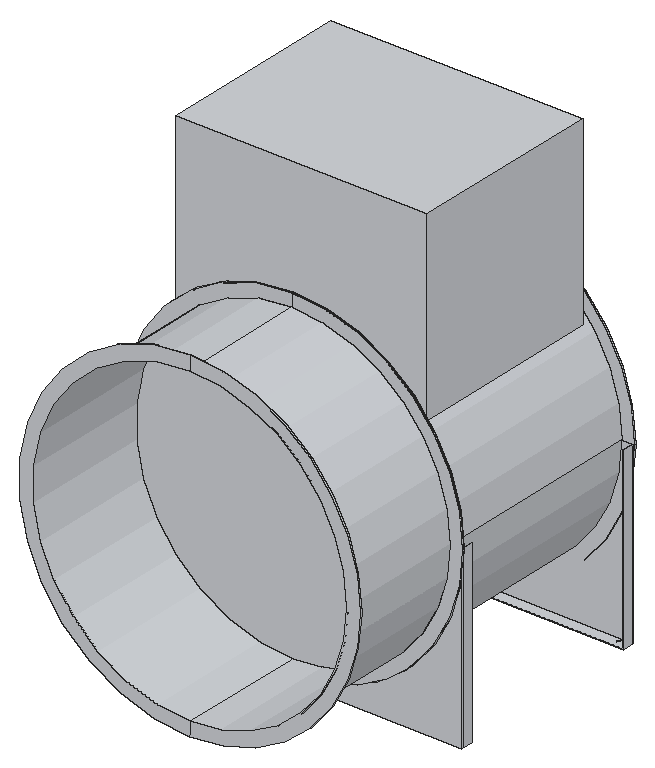
Revit family "AFBV-C_Horizontal_Floor_Mount", category Mechanical Equipment, Revit 2019
Family settings
  Round Connector Dimension = Use Radius
  Part Type = Normal
  Work Plane-Based = No
  Always vertical = Yes
  Cut with Voids When Loaded = No
  Shared = No
  Room Calculation Point = No
Parameters (values of type "60_AFBV-C_HOR_FLOOR")
  VANE = 2' - 1"
  Unit Weight [instance] = ""
  P/2 = P / 2  # 0' - 0 9/32"
  P = 0' - 0 9/16"  # constant formula
  N = 2' - 7 1/16"
  ModelID [instance] = ""
  M/2 = M / 2  # 2' - 9 1/16"
  M = 5' - 6 1/8"
  L = 0' - 1 1/8"
  K/2 = K / 2  # 1' - 7 7/8"
  K = 3' - 3 3/4"
  J-(C/2) = J - (C / 2)  # 0' - 3 1/16"
  J = 2' - 10 7/8"
  H-(A/2) = H - (A / 2)  # 2' - 0 1/16"
  H+J = H + J  # 7' - 5 5/8"
  H = 4' - 6 3/4"
  Sones [instance] = ""
  Motor RPM [instance] = ""
  Motor Enclosure [instance] = ""
  LwA [instance] = ""
  G = 12' - 0"
  Fan RPM [instance] = ""
  F/2 = F / 2  # 0' - 1 1/2"
  F = 0' - 3"
  E/2 = E / 2  # 1' - 9"
  E-2" = E - 0' 2"  # 3' - 4"
  E = 3' - 6"
  C/2+J = C / 2 + J  # 5' - 6 11/16"
  C/2 = C / 2  # 2' - 7 13/16"
  C = 5' - 3 5/8"
  B/2 = B / 2  # 2' - 9 3/8"
  B = 5' - 6 3/4"
  Accessories [instance] = ""
  A/3 = A / 2.5  # 2' - 0.55"
  A/2 = A / 2  # 2' - 6 11/16"
  A = 5' - 1 3/8"
  60 = 60.00°  # constant formula
  30 = 30.00°  # constant formula
  3" = 0' - 3"  # constant formula
  Brake Hp [instance] = ""
  4" = 0' - 4"  # constant formula
  2' = 2' - 0"
  2" = 0' - 2"  # constant formula
  1" = 0' - 1"  # constant formula
  0 = 0' - 0"  # constant formula
  Voltage [instance] = 0 V
  URL = "www.lorencook.com"
  Type Comments = "Tube Axial Fan Horizontal Floor Mount Belt Drive Arrangement 9"  # constant formula
  Static Pressure [instance] = 0.00 in-wg
  Power [instance] = Voltage * Motor FLA * sqrt(if(Phase = 3, 3, 1))  # 0 VA
  Phase [instance] = 0
  Number of Poles [instance] = 1
  Motor Hp [instance] = "0"
  Motor FLA [instance] = 0 A
  Model = "AFBV-C"  # constant formula
  Manufacturer = "Loren Cook Company"
  CFM [instance] = 0 CFM
  1.5 = 0' - 1 1/2"  # constant formula
  ONE EIGTH = 0' - 0 1/8"  # constant formula
  -E/2 = -E / 2  # -1' - 9"
  -(E-.25")/2 = -(E - 0' 0 1/4") / 2  # -1' - 8 7/8"
  (H-(A/2))/2 = (H - (A / 2)) / 2  # 1' - 0 1/32"
  (E-.25")/2 = (E - 0' 0 1/4") / 2  # 1' - 8 7/8"
  (A+.25")/2 = (A + 0' 0 1/4") / 2  # 2' - 6 13/16"
Types (12): name | VANE | N | M/2 | M | L | K/2 | K | J-(C/2) | J | H-(A/2) | H+J | H | G | F/2 | F | E/2 | E-2" | E | C/2+J | C/2 | C | B/2 | B | A/3 | A/2 | A | -E/2 | -(E-.25")/2 | (H-(A/2))/2 | (E-.25")/2 | (A+.25")/2
  (no name) | 2' - 1" | 2' - 7 1/16" | 2' - 9 1/16" | 5' - 6 1/8" | 0' - 1 1/8" | 1' - 7 7/8" | 3' - 3 3/4" | 0' - 3 1/16" | 2' - 10 7/8" | 2' - 0 1/16" | 7' - 5 5/8" | 4' - 6 3/4" | 12' - 0" | 0' - 1 1/2" | 0' - 3" | 1' - 9" | 3' - 4" | 3' - 6" | 5' - 6 11/16" | 2' - 7 13/16" | 5' - 3 5/8" | 2' - 9 3/8" | 5' - 6 3/4" | 2' - 0.55" | 2' - 6 11/16" | 5' - 1 3/8" | -1' - 9" | -1' - 8 7/8" | 1' - 0 1/32" | 1' - 8 7/8" | 2' - 6 13/16"
  12_AFBV-C_HOR_FLOOR | 0' - 6" | 0' - 6" | 0' - 8" | 1' - 4" | 0' - 0 15/16" | 0' - 10 1/16" | 1' - 8 1/8" | 0' - 2 7/16" | 0' - 9 3/4" | 1' - 6 3/16" | 2' - 10 3/8" | 2' - 0 5/8" | 6' - 0" | 0' - 0 5/32" | 0' - 0 5/16" | 0' - 11" | 1' - 8" | 1' - 10" | 1' - 5 1/16" | 0' - 7 5/16" | 1' - 2 5/8" | 0' - 7 13/16" | 1' - 3 5/8" | 0' - 5.15" | 0' - 6 7/16" | 1' - 0 7/8" | -0' - 11" | -0' - 10 7/8" | 0' - 9 3/32" | 0' - 10 7/8" | 0' - 6 9/16"
  16_AFBV-C_HOR_FLOOR | 0' - 10" | 0' - 8" | 0' - 10" | 1' - 8" | 0' - 0 15/16" | 0' - 11 9/16" | 1' - 11 1/8" | 0' - 2 7/16" | 0' - 11 3/4" | 1' - 9 11/16" | 3' - 5 7/8" | 2' - 6 1/8" | 6' - 0" | 0' - 0 5/32" | 0' - 0 5/16" | 1' - 0 1/2" | 1' - 11" | 2' - 1" | 1' - 9 1/16" | 0' - 9 5/16" | 1' - 6 5/8" | 0' - 9 13/16" | 1' - 7 5/8" | 0' - 6 3/4" | 0' - 8 7/16" | 1' - 4 7/8" | -1' - 0 1/2" | -1' - 0 3/8" | 0' - 10 27/32" | 1' - 0 3/8" | 0' - 8 9/16"
  18_AFBV-C_HOR_FLOOR | 0' - 11" | 0' - 9" | 0' - 11" | 1' - 10" | 0' - 0 15/16" | 0' - 11 9/16" | 1' - 11 1/8" | 0' - 2 7/16" | 1' - 0 3/4" | 1' - 9 11/16" | 3' - 7 7/8" | 2' - 7 1/8" | 6' - 0" | 0' - 0 5/32" | 0' - 0 5/16" | 1' - 0 1/2" | 1' - 11" | 2' - 1" | 1' - 11 1/16" | 0' - 10 5/16" | 1' - 8 5/8" | 0' - 10 13/16" | 1' - 9 5/8" | 0' - 7.55" | 0' - 9 7/16" | 1' - 6 7/8" | -1' - 0 1/2" | -1' - 0 3/8" | 0' - 10 27/32" | 1' - 0 3/8" | 0' - 9 9/16"
  24_AFBV-C_HOR_FLOOR | 1' - 1" | 1' - 0 1/4" | 1' - 2 1/4" | 2' - 4 1/2" | 0' - 0 15/16" | 1' - 2 9/16" | 2' - 5 1/8" | 0' - 2 9/16" | 1' - 4" | 2' - 3 7/16" | 4' - 7 7/8" | 3' - 3 7/8" | 6' - 0" | 0' - 0 7/32" | 0' - 0 7/16" | 1' - 3 1/2" | 2' - 5" | 2' - 7" | 2' - 5 7/16" | 1' - 1 7/16" | 2' - 2 7/8" | 1' - 2 9/16" | 2' - 5 1/8" | 0' - 9.95" | 1' - 0 7/16" | 2' - 0 7/8" | -1' - 3 1/2" | -1' - 3 3/8" | 1' - 1 23/32" | 1' - 3 3/8" | 1' - 0 9/16"
  28_AFBV-C_HOR_FLOOR | 1' - 1" | 1' - 2 1/4" | 1' - 4 1/4" | 2' - 8 1/2" | 0' - 0 15/16" | 1' - 2 9/16" | 2' - 5 1/8" | 0' - 2 9/16" | 1' - 6" | 2' - 3 7/16" | 4' - 11 7/8" | 3' - 5 7/8" | 6' - 0" | 0' - 0 7/32" | 0' - 0 7/16" | 1' - 3 1/2" | 2' - 5" | 2' - 7" | 2' - 9 7/16" | 1' - 3 7/16" | 2' - 6 7/8" | 1' - 4 9/16" | 2' - 9 1/8" | 0' - 11.55" | 1' - 2 7/16" | 2' - 4 7/8" | -1' - 3 1/2" | -1' - 3 3/8" | 1' - 1 23/32" | 1' - 3 3/8" | 1' - 2 9/16"
  32_AFBV-C_HOR_FLOOR | 1' - 3" | 1' - 4 5/16" | 1' - 6 5/16" | 3' - 0 5/8" | 0' - 0 15/16" | 1' - 4 1/16" | 2' - 8 1/8" | 0' - 2 5/8" | 1' - 8 1/8" | 2' - 4 3/4" | 5' - 5 3/8" | 3' - 9 1/4" | 6' - 0" | 0' - 0 7/32" | 0' - 0 7/16" | 1' - 5" | 2' - 8" | 2' - 10" | 3' - 1 5/8" | 1' - 5 1/2" | 2' - 11" | 1' - 6 5/8" | 3' - 1 1/4" | 1' - 1.2" | 1' - 4 1/2" | 2' - 9" | -1' - 5" | -1' - 4 7/8" | 1' - 2 3/8" | 1' - 4 7/8" | 1' - 4 5/8"
  36_AFBV-C_HOR_FLOOR | 1' - 4" | 1' - 6 5/16" | 1' - 8 5/16" | 3' - 4 5/8" | 0' - 0 15/16" | 1' - 4 1/16" | 2' - 8 1/8" | 0' - 2 5/8" | 1' - 10 1/8" | 2' - 4 3/4" | 5' - 9 3/8" | 3' - 11 1/4" | 6' - 0" | 0' - 0 7/32" | 0' - 0 7/16" | 1' - 5" | 2' - 8" | 2' - 10" | 3' - 5 5/8" | 1' - 7 1/2" | 3' - 3" | 1' - 8 11/16" | 3' - 5 3/8" | 1' - 2.8" | 1' - 6 1/2" | 3' - 1" | -1' - 5" | -1' - 4 7/8" | 1' - 2 3/8" | 1' - 4 7/8" | 1' - 6 5/8"
  44_AFBV-C_HOR_FLOOR | 1' - 7" | 1' - 10 3/8" | 2' - 0 3/8" | 4' - 0 3/4" | 0' - 1" | 1' - 8" | 3' - 4" | 0' - 2 3/8" | 2' - 2 1/8" | 3' - 0 1/4" | 7' - 0 7/8" | 4' - 10 3/4" | 12' - 0" | 0' - 0 7/32" | 0' - 0 7/16" | 1' - 9" | 3' - 4" | 3' - 6" | 4' - 1 7/8" | 1' - 11 3/4" | 3' - 11 1/2" | 2' - 0 11/16" | 4' - 1 3/8" | 1' - 6" | 1' - 10 1/2" | 3' - 9" | -1' - 9" | -1' - 8 7/8" | 1' - 6 1/8" | 1' - 8 7/8" | 1' - 10 5/8"
  48_AFBV-C_HOR_FLOOR | 1' - 10" | 2' - 0 15/16" | 2' - 2 15/16" | 4' - 5 7/8" | 0' - 1" | 1' - 8" | 3' - 4" | 0' - 2 15/16" | 2' - 4 3/4" | 3' - 0 3/16" | 7' - 5 1/2" | 5' - 0 3/4" | 12' - 0" | 0' - 0 7/32" | 0' - 0 7/16" | 1' - 9" | 3' - 4" | 3' - 6" | 4' - 6 9/16" | 2' - 1 13/16" | 4' - 3 5/8" | 2' - 2 3/4" | 4' - 5 1/2" | 1' - 7.65" | 2' - 0 9/16" | 4' - 1 1/8" | -1' - 9" | -1' - 8 7/8" | 1' - 6 3/32" | 1' - 8 7/8" | 2' - 0 11/16"
  54_AFBV-C_HOR_FLOOR | 1' - 11" | 2' - 4 1/16" | 2' - 6 1/16" | 5' - 0 1/8" | 0' - 1 1/8" | 1' - 7 7/8" | 3' - 3 3/4" | 0' - 3 1/16" | 2' - 7 7/8" | 2' - 0 1/16" | 6' - 11 5/8" | 4' - 3 3/4" | 12' - 0" | 0' - 0 7/32" | 0' - 0 7/16" | 1' - 9" | 3' - 4" | 3' - 6" | 5' - 0 11/16" | 2' - 4 13/16" | 4' - 9 5/8" | 2' - 6 3/8" | 5' - 0 3/4" | 1' - 10.15" | 2' - 3 11/16" | 4' - 7 3/8" | -1' - 9" | -1' - 8 7/8" | 1' - 0 1/32" | 1' - 8 7/8" | 2' - 3 13/16"
  60_AFBV-C_HOR_FLOOR | 2' - 1" | 2' - 7 1/16" | 2' - 9 1/16" | 5' - 6 1/8" | 0' - 1 1/8" | 1' - 7 7/8" | 3' - 3 3/4" | 0' - 3 1/16" | 2' - 10 7/8" | 2' - 0 1/16" | 7' - 5 5/8" | 4' - 6 3/4" | 12' - 0" | 0' - 1 1/2" | 0' - 3" | 1' - 9" | 3' - 4" | 3' - 6" | 5' - 6 11/16" | 2' - 7 13/16" | 5' - 3 5/8" | 2' - 9 3/8" | 5' - 6 3/4" | 2' - 0.55" | 2' - 6 11/16" | 5' - 1 3/8" | -1' - 9" | -1' - 8 7/8" | 1' - 0 1/32" | 1' - 8 7/8" | 2' - 6 13/16"
Reference planes (in)
  plane 1 "Center (Front/Back)": y = 0
  plane 2: z = 0
  plane 3 "Center (Left/Right)": x = 0.40541
Forms (in)
  Extrusion 1, solid
    sketch origin (0, 0, 0) x (1, 0, 0) y (0, 0, 1)
      loop
        circle (0.40541, 34.875) r 33.375
    from 21 <- "E/2" to -21 <- "-E/2"
  Extrusion 2, void
    sketch origin (0, 0, 0) x (1, 0, 0) y (0, 0, 1)
      loop
        circle (0.40541, 34.875) r 33.375
      loop
        circle (0.40541, 34.875) r 30.8125
    from 20.875 <- "(E-.25")/2" to -20.875 <- "-(E-.25")/2"
  Extrusion 3, solid
    sketch origin (0, -20.875, 0) x (-1, 0, 0) y (0, 0, 1)
      loop
        line (24.14459, 53.49509) -> (24.14459, 89.625) -> (-24.95541, 89.625) -> (-24.95541, 53.49509)
        arc (-24.95541, 53.49509) -> (-0.40541, 65.6875) -> (24.14459, 53.49509) r 30.8125
    from 2 to 40 <- "E-2""
  Extrusion 4, solid
    sketch origin (0, -21, 0) x (1, 0, 0) y (0, 0, 1)
      loop
        line (-30.40709, 34.875) -> (-32.65709, 34.875) -> (-32.65709, 0) -> (33.46791, 0) -> (33.46791, 34.875) -> (31.21791, 34.875)
        arc (31.21791, 34.875) -> (0.40541, 4.0625) -> (-30.40709, 34.875) r 30.8125
    from -0.25 to -0.125
  Extrusion 5, solid
    sketch origin (0, 20.875, 0) x (1, 0, 0) y (0, 0, 1)
      loop
        line (-30.40709, 34.875) -> (-32.65709, 34.875) -> (-32.65709, 0) -> (33.46791, 0) -> (33.46791, 34.875) -> (31.21791, 34.875)
        arc (31.21791, 34.875) -> (0.40541, 4.0625) -> (-30.40709, 34.875) r 30.8125
    from 0 to 0.125
  Extrusion 6, solid
    sketch origin (0, 20.875, 0) x (-1, 0, 0) y (0, 0, 1)
      loop
        line (-33.46791, 34.875) -> (-33.46791, 0) -> (32.65709, 0) -> (32.65709, 34.875) -> (32.53209, 34.875) -> (32.53209, 0.125) -> (-33.34291, 0.125) -> (-33.34291, 34.875) -> (-33.46791, 34.875)
    from -0.125 to -2.375
  Extrusion 7, solid
    sketch origin (0, -20.875, 0) x (1, 0, 0) y (0, 0, 1)
      loop
        line (-32.65709, 34.875) -> (-32.65709, 0) -> (33.46791, 0) -> (33.46791, 34.875) -> (33.34291, 34.875) -> (33.34291, 0.125) -> (-32.53209, 0.125) -> (-32.53209, 34.875) -> (-32.65709, 34.875)
    from -0.125 to -2.375
  Extrusion 8, void
    sketch origin (0, 0, 0) x (1, 0, 0) y (0, 1, 0)
      loop
        circle (-30.65709, 19.875) r 0.28125
      loop
        circle (31.46791, 19.875) r 0.28125
      loop
        circle (31.46791, -19.875) r 0.28125
      loop
        circle (-30.65709, -19.875) r 0.28125
    from 0 to 0.125
  Revolve 9, solid
    sketch origin (0.40541, 0, 0) x (0, 1, 0) y (0, 0, 1)
      loop
        line (-21, 68.25) -> (-21.125, 68.25) -> (-21.125, 65.6875) -> (-45.875, 65.6875) -> (-45.875, 68.25) -> (-46, 68.25) -> (-46, 65.5625) -> (-21, 65.5625) -> (-21, 68.25)
      axis (-21, 34.875) -> (-46, 34.875)
    angle from 0 to 360
Cuts and joins
  Extrusion 2 cuts Extrusion 1
  Extrusion 8 cuts Extrusion 6
  Extrusion 8 cuts Extrusion 7
Dimensions and locks (in)
  "0": Extrusion 1 sketch curve to plane 3 "Center (Left/Right)"
  "J": Extrusion 1 sketch curve to level
  "0": Extrusion 2 sketch curve to plane 3 "Center (Left/Right)"  (x2)
  "J": Extrusion 2 sketch curve to level  (x2)
  "0": Extrusion 3 sketch curve to plane 3 "Center (Left/Right)"
  "J": Extrusion 3 sketch curve to level
  "H+J": Extrusion 3 sketch curve to level
  "A/3": plane 3 "Center (Left/Right)" to Extrusion 3 sketch curve  (x2)
  "J": Extrusion 4 sketch curve to level  (x4)
  "0": Extrusion 4 sketch curve to plane 3 "Center (Left/Right)"
  "M/2": Extrusion 4 sketch curve to plane 3 "Center (Left/Right)"  (x2)
  "J": level to Extrusion 5 sketch curve
  "0": Extrusion 5 sketch curve to plane 3 "Center (Left/Right)"
  "0": Extrusion 5 sketch curve to level
  "0": Extrusion 5 sketch curve to Extrusion 4  (x3)
  "0": level to Extrusion 6 sketch curve
  "ONE EIGTH": level to Extrusion 6 sketch curve
  "ONE EIGTH": Extrusion 6 sketch curve to Extrusion 6 sketch curve  (x2)
  "0": Extrusion 6 sketch curve to Extrusion 5
  "0": Extrusion 5 to Extrusion 6 sketch curve  (x2)
  "ONE EIGTH": Extrusion 7 sketch curve to Extrusion 7 sketch curve  (x2)
  "ONE EIGTH": Extrusion 7 sketch curve to level
  "0": Extrusion 7 sketch curve to level
  "0": Extrusion 7 sketch curve to Extrusion 4  (x2)
  "0": Extrusion 4 to Extrusion 7 sketch curve
  "M/2": Extrusion 6 sketch curve to plane 3 "Center (Left/Right)"
  "K/2": plane 1 "Center (Front/Back)" to Extrusion 8 sketch curve  (x4)
  "N": Extrusion 8 sketch curve to plane 3 "Center (Left/Right)"  (x4)
  "0": Extrusion 4 sketch curve to level
  "J": Extrusion 7 sketch curve to level
  "B/2": Revolve 9 sketch curve to Revolve 9 sketch curve  (x2)
  "0": cut or joined group of Extrusion 1, Extrusion 2 to Revolve 9 sketch curve
  "ONE EIGTH": Revolve 9 sketch curve to Revolve 9 sketch curve  (x3)
  "VANE": Revolve 9 sketch curve to Revolve 9 sketch curve
  "J": level to Revolve 9 sketch curve
  "(A+.25")/2": Revolve 9 sketch curve to Revolve 9 sketch curve
  "B/2": radius of Extrusion 1 sketch curve
  "(A+.25")/2": radius of Extrusion 2 sketch curve
  "B/2": radius of Extrusion 2 sketch curve
  "(A+.25")/2": radius of Extrusion 3 sketch curve
  "(A+.25")/2": radius of Extrusion 4 sketch curve
  "(A+.25")/2": radius of Extrusion 5 sketch curve
  "P/2": radius of Extrusion 8 sketch curve  (x4)
Automatic sketch dimensions
  Extrusion 3 sketch curve to Extrusion 3 sketch curve = 0' - 0"
  Revolve 9 sketch curve to Revolve 9 sketch curve = 0' - 0"
  Revolve 9 sketch curve to Revolve 9 sketch curve = 2' - 7"
Connectors (in)
  electrical at (24.95541, 0.125, 71.56004)
    settings: on Extrusion 3, index 1, voltage 0 V, apparent load 0 VA, apparent load phase1 0 VA, apparent load phase2 0 VA, apparent load phase3 0 VA, power factor 1, load classification "Other", number of poles 1, system type 30, power factor state 1, is connector primary yes, connector utility no, sub classification motor no, connector description ""
  hvac at (0.40541, 21, 34.875), driven by "A/2"
    settings: on cut or joined group of Extrusion 1, Extrusion 2, index 3, duct flow 0 CFM, flow factor 0, pres drop 0.00 in-wg, loss coef 0, conn angle 0.00°, conn width 12", conn height 12", conn diameter 61 3/8", duct sys type 29, conn prof type 0, flow config 0, flow direction 1, loss method 0, conn ref index -1, conn util no, is conn primary yes, conn desc ""
  hvac at (0.40541, -46, 34.875), driven by "A/2"
    settings: on Revolve 9, index 4, duct flow 0 CFM, flow factor 0, pres drop 0.00 in-wg, loss coef 0, conn angle 0.00°, conn width 12", conn height 12", conn diameter 61 3/8", duct sys type 29, conn prof type 0, flow config 0, flow direction 2, loss method 0, conn ref index -1, conn util no, is conn primary no, conn desc ""
